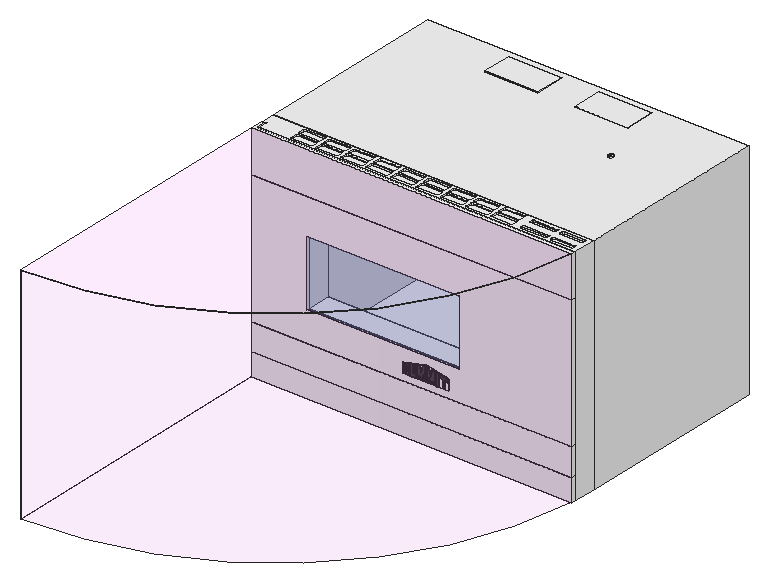
Revit family "Qf_Summit_MHOTR241W_24 inches Wide Over-The-Range Microwave", category Specialty Equipment, Revit 2020 (continued)
Lines and regions (in)
  symbolic lines
    curve 93: arc (11.875, -15.34484, 19.5) -> (11.91161, -15.25645, 19.5) -> (12, -15.21984, 19.5) r 0.125
    curve 94: line (10.125, -15.9375, 19.5) -> (11.5, -15.9375, 19.5)
    curve 95: arc (11.5, -15.9375, 19.5) -> (11.58839, -15.97411, 19.5) -> (11.625, -16.0625, 19.5) r 0.125
    curve 96: line (11.625, -16.0625, 19.5) -> (11.625, -16.4375, 19.5)
    curve 97: arc (11.625, -16.4375, 19.5) -> (11.58839, -16.52589, 19.5) -> (11.5, -16.5625, 19.5) r 0.125
    curve 98: line (11.5, -16.5625, 19.5) -> (10.125, -16.5625, 19.5)
    curve 99: arc (10.125, -16.5625, 19.5) -> (10.03661, -16.52589, 19.5) -> (10, -16.4375, 19.5) r 0.125
    curve 100: line (10, -16.4375, 19.5) -> (10, -16.0625, 19.5)
    curve 101: arc (10, -16.0625, 19.5) -> (10.03661, -15.97411, 19.5) -> (10.125, -15.9375, 19.5) r 0.125
    curve 102: line (13.375, -16.5625, 19.5) -> (12, -16.5625, 19.5)
    curve 103: arc (12, -16.5625, 19.5) -> (11.91161, -16.52589, 19.5) -> (11.875, -16.4375, 19.5) r 0.125
    curve 104: line (11.875, -16.4375, 19.5) -> (11.875, -16.0625, 19.5)
    curve 105: arc (11.875, -16.0625, 19.5) -> (11.91161, -15.97411, 19.5) -> (12, -15.9375, 19.5) r 0.125
    curve 106: line (12, -15.9375, 19.5) -> (13.375, -15.9375, 19.5)
    curve 107: arc (13.375, -15.9375, 19.5) -> (13.46339, -15.97411, 19.5) -> (13.5, -16.0625, 19.5) r 0.125
    curve 108: line (13.5, -16.0625, 19.5) -> (13.5, -16.4375, 19.5)
    curve 109: arc (13.5, -16.4375, 19.5) -> (13.46339, -16.52589, 19.5) -> (13.375, -16.5625, 19.5) r 0.125
    curve 110: line (13.875, -15.21984, 19.5) -> (15.25, -15.21984, 19.5)
    curve 111: arc (15.25, -15.21984, 19.5) -> (15.33839, -15.25645, 19.5) -> (15.375, -15.34484, 19.5) r 0.125
    curve 112: line (15.375, -15.34484, 19.5) -> (15.375, -15.71984, 19.5)
    curve 113: arc (15.375, -15.71984, 19.5) -> (15.33839, -15.80823, 19.5) -> (15.25, -15.84484, 19.5) r 0.125
    curve 114: line (15.25, -15.84484, 19.5) -> (13.875, -15.84484, 19.5)
    curve 115: arc (13.875, -15.84484, 19.5) -> (13.78661, -15.80823, 19.5) -> (13.75, -15.71984, 19.5) r 0.125
    curve 116: line (13.75, -15.71984, 19.5) -> (13.75, -15.34484, 19.5)
    curve 117: arc (13.75, -15.34484, 19.5) -> (13.78661, -15.25645, 19.5) -> (13.875, -15.21984, 19.5) r 0.125
    curve 118: line (15.75, -15.21984, 19.5) -> (17.125, -15.21984, 19.5)
    curve 119: arc (17.125, -15.21984, 19.5) -> (17.21339, -15.25645, 19.5) -> (17.25, -15.34484, 19.5) r 0.125
    curve 120: line (17.25, -15.34484, 19.5) -> (17.25, -15.71984, 19.5)
    curve 121: arc (17.25, -15.71984, 19.5) -> (17.21339, -15.80823, 19.5) -> (17.125, -15.84484, 19.5) r 0.125
    curve 122: line (17.125, -15.84484, 19.5) -> (15.75, -15.84484, 19.5)
    curve 123: arc (15.75, -15.84484, 19.5) -> (15.66161, -15.80823, 19.5) -> (15.625, -15.71984, 19.5) r 0.125
    curve 124: line (15.625, -15.71984, 19.5) -> (15.625, -15.34484, 19.5)
    curve 125: arc (15.625, -15.34484, 19.5) -> (15.66161, -15.25645, 19.5) -> (15.75, -15.21984, 19.5) r 0.125
    curve 126: line (13.875, -15.9375, 19.5) -> (15.25, -15.9375, 19.5)
    curve 127: arc (15.25, -15.9375, 19.5) -> (15.33839, -15.97411, 19.5) -> (15.375, -16.0625, 19.5) r 0.125
    curve 128: line (15.375, -16.0625, 19.5) -> (15.375, -16.4375, 19.5)
    curve 129: arc (15.375, -16.4375, 19.5) -> (15.33839, -16.52589, 19.5) -> (15.25, -16.5625, 19.5) r 0.125
    curve 130: line (15.25, -16.5625, 19.5) -> (13.875, -16.5625, 19.5)
    curve 131: arc (13.875, -16.5625, 19.5) -> (13.78661, -16.52589, 19.5) -> (13.75, -16.4375, 19.5) r 0.125
    curve 132: line (13.75, -16.4375, 19.5) -> (13.75, -16.0625, 19.5)
    curve 133: arc (13.75, -16.0625, 19.5) -> (13.78661, -15.97411, 19.5) -> (13.875, -15.9375, 19.5) r 0.125
    curve 134: line (17.125, -16.5625, 19.5) -> (15.75, -16.5625, 19.5)
    curve 135: arc (15.75, -16.5625, 19.5) -> (15.66161, -16.52589, 19.5) -> (15.625, -16.4375, 19.5) r 0.125
    curve 136: line (15.625, -16.4375, 19.5) -> (15.625, -16.0625, 19.5)
    curve 137: arc (15.625, -16.0625, 19.5) -> (15.66161, -15.97411, 19.5) -> (15.75, -15.9375, 19.5) r 0.125
    curve 138: line (15.75, -15.9375, 19.5) -> (17.125, -15.9375, 19.5)
    curve 139: arc (17.125, -15.9375, 19.5) -> (17.21339, -15.97411, 19.5) -> (17.25, -16.0625, 19.5) r 0.125
    curve 140: line (17.25, -16.0625, 19.5) -> (17.25, -16.4375, 19.5)
    curve 141: arc (17.25, -16.4375, 19.5) -> (17.21339, -16.52589, 19.5) -> (17.125, -16.5625, 19.5) r 0.125
    curve 142: line (17.625, -15.21984, 19.5) -> (19, -15.21984, 19.5)
    curve 143: arc (19, -15.21984, 19.5) -> (19.08839, -15.25645, 19.5) -> (19.125, -15.34484, 19.5) r 0.125
    curve 144: line (19.125, -15.34484, 19.5) -> (19.125, -15.71984, 19.5)
    curve 145: arc (19.125, -15.71984, 19.5) -> (19.08839, -15.80823, 19.5) -> (19, -15.84484, 19.5) r 0.125
    curve 146: line (19, -15.84484, 19.5) -> (17.625, -15.84484, 19.5)
    curve 147: arc (17.625, -15.84484, 19.5) -> (17.53661, -15.80823, 19.5) -> (17.5, -15.71984, 19.5) r 0.125
    curve 148: line (17.5, -15.71984, 19.5) -> (17.5, -15.34484, 19.5)
    curve 149: arc (17.5, -15.34484, 19.5) -> (17.53661, -15.25645, 19.5) -> (17.625, -15.21984, 19.5) r 0.125
    curve 150: line (19, -16.5625, 19.5) -> (17.625, -16.5625, 19.5)
    curve 151: arc (17.625, -16.5625, 19.5) -> (17.53661, -16.52589, 19.5) -> (17.5, -16.4375, 19.5) r 0.125
    curve 152: line (17.5, -16.4375, 19.5) -> (17.5, -16.0625, 19.5)
    curve 153: arc (17.5, -16.0625, 19.5) -> (17.53661, -15.97411, 19.5) -> (17.625, -15.9375, 19.5) r 0.125
    curve 154: line (17.625, -15.9375, 19.5) -> (19, -15.9375, 19.5)
    curve 155: arc (19, -15.9375, 19.5) -> (19.08839, -15.97411, 19.5) -> (19.125, -16.0625, 19.5) r 0.125
    curve 156: line (19.125, -16.0625, 19.5) -> (19.125, -16.4375, 19.5)
    curve 157: arc (19.125, -16.4375, 19.5) -> (19.08839, -16.52589, 19.5) -> (19, -16.5625, 19.5) r 0.125
    curve 158: line (19.8181, -15.3125, 19.5) -> (21.5681, -15.3125, 19.5)
    curve 159: arc (21.5681, -15.3125, 19.5) -> (21.65649, -15.34911, 19.5) -> (21.6931, -15.4375, 19.5) r 0.125
    curve 160: line (21.6931, -15.4375, 19.5) -> (21.6931, -15.5625, 19.5)
    curve 161: arc (21.6931, -15.5625, 19.5) -> (21.65649, -15.65089, 19.5) -> (21.5681, -15.6875, 19.5) r 0.125
    curve 162: line (21.5681, -15.6875, 19.5) -> (19.8181, -15.6875, 19.5)
    curve 163: arc (19.8181, -15.6875, 19.5) -> (19.72971, -15.65089, 19.5) -> (19.6931, -15.5625, 19.5) r 0.125
    curve 164: line (19.6931, -15.5625, 19.5) -> (19.6931, -15.4375, 19.5)
    curve 165: arc (19.6931, -15.4375, 19.5) -> (19.72971, -15.34911, 19.5) -> (19.8181, -15.3125, 19.5) r 0.125
    curve 166: line (19.8181, -16.1875, 19.5) -> (21.5681, -16.1875, 19.5)
    curve 167: arc (21.5681, -16.1875, 19.5) -> (21.65649, -16.22411, 19.5) -> (21.6931, -16.3125, 19.5) r 0.125
    curve 168: line (21.6931, -16.3125, 19.5) -> (21.6931, -16.4375, 19.5)
    curve 169: arc (21.6931, -16.4375, 19.5) -> (21.65649, -16.52589, 19.5) -> (21.5681, -16.5625, 19.5) r 0.125
    curve 170: line (21.5681, -16.5625, 19.5) -> (19.8181, -16.5625, 19.5)
    curve 171: arc (19.8181, -16.5625, 19.5) -> (19.72971, -16.52589, 19.5) -> (19.6931, -16.4375, 19.5) r 0.125
    curve 172: line (19.6931, -16.4375, 19.5) -> (19.6931, -16.3125, 19.5)
    curve 173: arc (19.6931, -16.3125, 19.5) -> (19.72971, -16.22411, 19.5) -> (19.8181, -16.1875, 19.5) r 0.125
    curve 174: line (22.0681, -15.3125, 19.5) -> (23.5681, -15.3125, 19.5)
    curve 175: arc (23.5681, -15.3125, 19.5) -> (23.65649, -15.34911, 19.5) -> (23.6931, -15.4375, 19.5) r 0.125
    curve 176: line (23.6931, -15.4375, 19.5) -> (23.6931, -15.5625, 19.5)
    curve 177: arc (23.6931, -15.5625, 19.5) -> (23.65649, -15.65089, 19.5) -> (23.5681, -15.6875, 19.5) r 0.125
    curve 178: line (23.5681, -15.6875, 19.5) -> (22.0681, -15.6875, 19.5)
    curve 179: arc (22.0681, -15.6875, 19.5) -> (21.97971, -15.65089, 19.5) -> (21.9431, -15.5625, 19.5) r 0.125
    curve 180: line (21.9431, -15.5625, 19.5) -> (21.9431, -15.4375, 19.5)
    curve 181: arc (21.9431, -15.4375, 19.5) -> (21.97971, -15.34911, 19.5) -> (22.0681, -15.3125, 19.5) r 0.125
    curve 182: line (22.0681, -16.1875, 19.5) -> (23.5681, -16.1875, 19.5)
    curve 183: arc (23.5681, -16.1875, 19.5) -> (23.65649, -16.22411, 19.5) -> (23.6931, -16.3125, 19.5) r 0.125
    curve 184: line (23.6931, -16.3125, 19.5) -> (23.6931, -16.4375, 19.5)
    curve 185: arc (23.6931, -16.4375, 19.5) -> (23.65649, -16.52589, 19.5) -> (23.5681, -16.5625, 19.5) r 0.125
    curve 186: line (23.5681, -16.5625, 19.5) -> (22.0681, -16.5625, 19.5)
    curve 187: arc (22.0681, -16.5625, 19.5) -> (21.97971, -16.52589, 19.5) -> (21.9431, -16.4375, 19.5) r 0.125
    curve 188: line (21.9431, -16.4375, 19.5) -> (21.9431, -16.3125, 19.5)
    curve 189: arc (21.9431, -16.3125, 19.5) -> (21.97971, -16.22411, 19.5) -> (22.0681, -16.1875, 19.5) r 0.125
    curve 190: line (13.1875, -3.25, 19.5) -> (17.1875, -3.25, 19.5)
    curve 191: line (17.1875, -3.25, 19.5) -> (17.1875, -1, 19.5)
    curve 192: line (17.1875, -1, 19.5) -> (13.1875, -1, 19.5)
    curve 193: line (13.1875, -1, 19.5) -> (13.1875, -3.25, 19.5)
    curve 194: line (6.4375, -1, 19.5) -> (6.4375, -3.25, 19.5)
    curve 195: line (6.4375, -3.25, 19.5) -> (10.4375, -3.25, 19.5)
    curve 196: line (10.4375, -3.25, 19.5) -> (10.4375, -1, 19.5)
    curve 197: line (10.4375, -1, 19.5) -> (6.4375, -1, 19.5)
    curve 198: line (2.125, 0, 19.5) -> (1.625, -0.5, 19.5)
    curve 199: line (22, 0, 19.5) -> (2.125, 0, 19.5)
    curve 200: line (22.5, -0.5, 19.5) -> (22, 0, 19.5)
  symbolic lines, style "QF_Clearances_Door_Drawer"
    curve 201: line (0, -17, 19.5) -> (19.81721, -28.44147, 19.5)
    curve 202: arc (19.81721, -28.44147, 19.5) -> (22.64663, -22.99054, 19.5) -> (24, -17, 19.5) r 24
Dimensions and locks (in)
  equal spacing: plane 3 "LEFT", plane 7 "Center Y", plane 4 "RIGHT"
  "Length": plane 3 "LEFT" to plane 4 "RIGHT"
  equal spacing: plane 5 "FRONT", plane 8 "Center X", plane 1 "BACK"
  "Depth": plane 5 "FRONT" to plane 1 "BACK"
  "Height": plane 6 "TOP" to level
  plane 4 "RIGHT" to plane 3 "LEFT" = 24"
  plane 1 "BACK" to plane 5 "FRONT" = 17"
  plane 1 "BACK" to plane 9 = 38 3/4"
  plane 5 "FRONT" to plane 1 "BACK" = 17"  (x2)
  plane 9 to plane 1 "BACK" = 38 3/4"
  plane 6 "TOP" to level = 17 1/2"
  plane 11 to plane 10 = 14 1/2"
  plane 1 "BACK" to plane 11 = 1/2"
  plane 11 to plane 12 = 6"
  plane 13 to level = 3/4"
  plane 10 to plane 5 "FRONT" = 2"
  plane 16 to plane 4 "RIGHT" = 5 1/2"  (x2)
  plane 6 "TOP" to plane 17 = 3 1/8"
  aligned and locked: level to plane 2
  aligned and locked: Extrusion 1 to plane 4 "RIGHT"
  aligned and locked: Extrusion 6 to plane 10
  aligned and locked: Extrusion 3 to plane 13
  aligned and locked: plane 6 "TOP" to Extrusion 3
  aligned and locked: plane 5 "FRONT" to Extrusion 5
  aligned and locked: plane 10 to Extrusion 5
  aligned and locked: plane 10 to Extrusion 10
  aligned and locked: Extrusion 13 to cut or joined group of Extrusion 1, Extrusion 5
  aligned and locked: plane 6 "TOP" to Extrusion 13
  aligned and locked: Extrusion 14 to plane 13
  aligned and locked: plane 5 "FRONT" to nested 1
Automatic sketch dimensions
  Extrusion 5 sketch curve to plane 17 = 2 11/16"
  Extrusion 5 sketch curve to plane 14 = 2 3/16"
  Extrusion 6 sketch curve to plane 17 = 1 3/16"
  Extrusion 6 sketch curve to plane 15 = 3/4"
  Extrusion 1 sketch curve to plane 3 "LEFT" = 0"
  Extrusion 1 sketch curve to plane 4 "RIGHT" = 0"
  plane 5 "FRONT" to Extrusion 1 sketch curve = 0"
  plane 3 "LEFT" to Extrusion 1 sketch curve = 3/16"
  Extrusion 1 sketch curve to plane 5 "FRONT" = 1/4"
  Extrusion 1 sketch curve to Extrusion 1 sketch curve = 5/8"
  Extrusion 2 sketch curve to plane 3 "LEFT" = 0"
  Extrusion 2 sketch curve to plane 4 "RIGHT" = 0"
  Extrusion 2 sketch curve to plane 10 = 0"
  plane 3 "LEFT" to Extrusion 2 sketch curve = 5/16"
  Extrusion 2 sketch curve to plane 5 "FRONT" = 1"
  Extrusion 2 sketch curve to plane 5 "FRONT" = 1/4"
  Extrusion 3 sketch curve to plane 3 "LEFT" = 0"
  Extrusion 3 sketch curve to plane 4 "RIGHT" = 0"
  Extrusion 3 sketch curve to plane 10 = 0"
  Extrusion 3 sketch curve to plane 11 = 0"
  Extrusion 4 sketch curve to plane 11 = 0"
  plane 1 "BACK" to Extrusion 4 sketch curve = 0"
  Extrusion 4 sketch curve to Extrusion 4 sketch curve = 1/2"  (x2)
  plane 4 "RIGHT" to Extrusion 4 sketch curve = 2"
  Extrusion 7 sketch curve to plane 13 = 0"
  Extrusion 7 sketch curve to level = 0"
  plane 3 "LEFT" to Extrusion 7 sketch curve = 3/8"
  plane 3 "LEFT" to Extrusion 7 sketch curve = 0.88018"
  plane 4 "RIGHT" to Extrusion 7 sketch curve = 0.88018"
  plane 4 "RIGHT" to Extrusion 7 sketch curve = 3/8"
  Extrusion 8 sketch curve to plane 3 "LEFT" = 0"
  Extrusion 8 sketch curve to plane 4 "RIGHT" = 0"
  plane 5 "FRONT" to Extrusion 8 sketch curve = 0"
  plane 3 "LEFT" to Extrusion 8 sketch curve = 3/16"
  Extrusion 8 sketch curve to plane 5 "FRONT" = 1/4"
  Extrusion 8 sketch curve to Extrusion 8 sketch curve = 5/8"
  Extrusion 9 sketch curve to plane 3 "LEFT" = 0"
  Extrusion 9 sketch curve to plane 4 "RIGHT" = 0"
  plane 5 "FRONT" to Extrusion 9 sketch curve = 0"
  plane 3 "LEFT" to Extrusion 9 sketch curve = 3/16"
  Extrusion 9 sketch curve to plane 5 "FRONT" = 1/4"
  Extrusion 9 sketch curve to Extrusion 9 sketch curve = 5/8"
  Split face 1 sketch curve to Extrusion 8 = 13/16"
  Split face 1 sketch curve to Extrusion 8 = 4 5/16"
  Split face 1 sketch curve to Split face 1 sketch curve = 1/8"  (x3)
  Split face 1 sketch curve to Split face 1 sketch curve = 1 1/8"
  Split face 1 sketch curve to Split face 1 sketch curve = 0"
  Split face 1 sketch curve to Split face 1 sketch curve = 3/8"
  Split face 2 sketch curve to Extrusion 8 = 1/4"  (x2)
  Split face 2 sketch curve to Extrusion 8 = 4 5/16"
  Split face 2 sketch curve to Extrusion 8 = 1/8"
  Split face 2 sketch curve to Split face 2 sketch curve = 1/8"  (x2)
  Split face 2 sketch curve to Split face 2 sketch curve = 1 1/8"
  Split face 2 sketch curve to Split face 2 sketch curve = 3/8"
  Split face 3 sketch curve to Extrusion 8 = 13/16"
  Split face 3 sketch curve to Extrusion 8 = 6.78428"
  Split face 3 sketch curve to Split face 3 sketch curve = 1/8"  (x3)
  Split face 3 sketch curve to Split face 3 sketch curve = 1 1/8"
  Split face 3 sketch curve to Split face 3 sketch curve = 0"
  Split face 3 sketch curve to Split face 3 sketch curve = 3/8"
  Split face 4 sketch curve to Extrusion 8 = 1/4"  (x2)
  Split face 4 sketch curve to Extrusion 8 = 6.78428"
  Split face 4 sketch curve to Extrusion 8 = 1/8"
  Split face 4 sketch curve to Split face 4 sketch curve = 1/8"  (x2)
  Split face 4 sketch curve to Split face 4 sketch curve = 1 1/8"
  Split face 4 sketch curve to Split face 4 sketch curve = 3/8"
  Split face 5 sketch curve to Extrusion 8 = 13/16"
  Split face 5 sketch curve to Extrusion 8 = 8.65928"
  Split face 5 sketch curve to Split face 5 sketch curve = 1/8"  (x3)
  Split face 5 sketch curve to Split face 5 sketch curve = 1 1/8"
  Split face 5 sketch curve to Split face 5 sketch curve = 0"
  Split face 5 sketch curve to Split face 5 sketch curve = 3/8"
  Split face 6 sketch curve to Extrusion 8 = 1/4"  (x2)
  Split face 6 sketch curve to Extrusion 8 = 8.65928"
  Split face 6 sketch curve to Extrusion 8 = 1/8"
  Split face 6 sketch curve to Split face 6 sketch curve = 1/8"  (x2)
  Split face 6 sketch curve to Split face 6 sketch curve = 1 1/8"
  Split face 6 sketch curve to Split face 6 sketch curve = 3/8"
  Split face 7 sketch curve to Extrusion 8 = 13/16"
  Split face 7 sketch curve to Extrusion 8 = 11.13106"
  Split face 7 sketch curve to Split face 7 sketch curve = 1/8"  (x3)
  Split face 7 sketch curve to Split face 7 sketch curve = 1 1/8"
  Split face 7 sketch curve to Split face 7 sketch curve = 0"
  Split face 7 sketch curve to Split face 7 sketch curve = 3/8"
  Split face 8 sketch curve to Extrusion 8 = 1/4"  (x2)
  Split face 8 sketch curve to Extrusion 8 = 11.13106"
  Split face 8 sketch curve to Extrusion 8 = 1/8"
  Split face 8 sketch curve to Split face 8 sketch curve = 1/8"  (x2)
  Split face 8 sketch curve to Split face 8 sketch curve = 1 1/8"
  Split face 8 sketch curve to Split face 8 sketch curve = 3/8"
  Split face 9 sketch curve to Extrusion 8 = 11/16"
  Split face 9 sketch curve to Extrusion 8 = 3.86894"
  Split face 9 sketch curve to Split face 9 sketch curve = 1/8"  (x3)
  Split face 9 sketch curve to Split face 9 sketch curve = 1 1/8"
  Split face 9 sketch curve to Extrusion 8 = 3/16"
  Split face 9 sketch curve to Split face 9 sketch curve = 0"
  Split face 10 sketch curve to Extrusion 8 = 3/8"  (x2)
  Split face 10 sketch curve to Extrusion 8 = 3.86894"
  Split face 10 sketch curve to Split face 10 sketch curve = 1/8"  (x3)
  Split face 10 sketch curve to Split face 10 sketch curve = 1 1/8"
  Split face 10 sketch curve to Split face 10 sketch curve = 3/8"
  Split face 11 sketch curve to Extrusion 8 = 11/16"
  Split face 11 sketch curve to Extrusion 8 = 2"
  Split face 11 sketch curve to Split face 11 sketch curve = 1/8"  (x3)
  Split face 11 sketch curve to Split face 11 sketch curve = 1 1/8"
  Split face 11 sketch curve to Extrusion 8 = 3/16"
  Split face 11 sketch curve to Split face 11 sketch curve = 0"
  Split face 12 sketch curve to Extrusion 8 = 3/8"  (x2)
  Split face 12 sketch curve to Extrusion 8 = 2"
  Split face 12 sketch curve to Split face 12 sketch curve = 1/8"  (x3)
  Split face 12 sketch curve to Split face 12 sketch curve = 1 1/8"
  Split face 12 sketch curve to Split face 12 sketch curve = 3/8"
  Split face 13 sketch curve to Extrusion 8 = 7/32"
  Split face 13 sketch curve to Extrusion 8 = 8 7/16"
  Split face 13 sketch curve to Split face 13 sketch curve = 1/32"  (x3)
  Split face 13 sketch curve to Split face 13 sketch curve = 7/16"
  Split face 13 sketch curve to Split face 13 sketch curve = 0"
  Split face 13 sketch curve to Split face 13 sketch curve = 0.39583"
  Split face 14 sketch curve to Extrusion 8 = 7/32"
  Split face 14 sketch curve to Extrusion 8 = 7 3/4"
  Split face 14 sketch curve to Split face 14 sketch curve = 1/32"  (x3)
  Split face 14 sketch curve to Split face 14 sketch curve = 7/16"
  Split face 14 sketch curve to Split face 14 sketch curve = 0"
  Split face 14 sketch curve to Split face 14 sketch curve = 0.39583"
  Split face 15 sketch curve to Extrusion 8 = 7/32"
  Split face 15 sketch curve to Extrusion 8 = 7 1/16"
  Split face 15 sketch curve to Split face 15 sketch curve = 1/32"  (x3)
  Split face 15 sketch curve to Split face 15 sketch curve = 7/16"
  Split face 15 sketch curve to Split face 15 sketch curve = 0"
  Split face 15 sketch curve to Split face 15 sketch curve = 0.39583"
  Split face 16 sketch curve to Extrusion 8 = 7/32"
  Split face 16 sketch curve to Extrusion 8 = 6 3/8"
  Split face 16 sketch curve to Split face 16 sketch curve = 1/32"  (x3)
  Split face 16 sketch curve to Split face 16 sketch curve = 7/16"
  Split face 16 sketch curve to Split face 16 sketch curve = 0"
  Split face 16 sketch curve to Split face 16 sketch curve = 0.39583"
  Split face 17 sketch curve to Extrusion 8 = 7/32"
  Split face 17 sketch curve to Extrusion 8 = 5 11/16"
  Split face 17 sketch curve to Split face 17 sketch curve = 1/32"  (x3)
  Split face 17 sketch curve to Split face 17 sketch curve = 7/16"
  Split face 17 sketch curve to Split face 17 sketch curve = 0"
  Split face 17 sketch curve to Split face 17 sketch curve = 0.39583"
  Split face 18 sketch curve to Extrusion 8 = 0.72126"
  Split face 18 sketch curve to Extrusion 8 = 8 7/16"
  Split face 18 sketch curve to Split face 18 sketch curve = 1/32"  (x3)
  Split face 18 sketch curve to Split face 18 sketch curve = 7/16"
  Split face 18 sketch curve to Split face 18 sketch curve = 0"
  Split face 18 sketch curve to Extrusion 8 = 0.32543"
  Split face 19 sketch curve to Extrusion 8 = 0.72126"
  Split face 19 sketch curve to Extrusion 8 = 7 3/4"
  Split face 19 sketch curve to Split face 19 sketch curve = 1/32"  (x3)
  Split face 19 sketch curve to Split face 19 sketch curve = 7/16"
  Split face 19 sketch curve to Split face 19 sketch curve = 0"
  Split face 19 sketch curve to Extrusion 8 = 0.32543"
  Split face 20 sketch curve to Extrusion 8 = 0.72126"
  Split face 20 sketch curve to Extrusion 8 = 7 1/16"
  Split face 20 sketch curve to Split face 20 sketch curve = 1/32"  (x3)
  Split face 20 sketch curve to Split face 20 sketch curve = 7/16"
  Split face 20 sketch curve to Split face 20 sketch curve = 0"
  Split face 20 sketch curve to Extrusion 8 = 0.32543"
  Split face 21 sketch curve to Extrusion 8 = 0.72126"
  Split face 21 sketch curve to Extrusion 8 = 6 3/8"
  Split face 21 sketch curve to Split face 21 sketch curve = 1/32"  (x3)
  Split face 21 sketch curve to Split face 21 sketch curve = 7/16"
  Split face 21 sketch curve to Split face 21 sketch curve = 0"
  Split face 21 sketch curve to Extrusion 8 = 0.32543"
  Split face 22 sketch curve to Extrusion 8 = 0.72126"
  Split face 22 sketch curve to Extrusion 8 = 5 11/16"
  Split face 22 sketch curve to Split face 22 sketch curve = 1/32"  (x3)
  Split face 22 sketch curve to Split face 22 sketch curve = 7/16"
  Split face 22 sketch curve to Split face 22 sketch curve = 0"
  Split face 22 sketch curve to Extrusion 8 = 0.32543"
  Split face 23 sketch curve to Extrusion 8 = 7/16"
  Split face 23 sketch curve to Extrusion 8 = 9.74394"
  Split face 23 sketch curve to Extrusion 8 = 5/8"
  Split face 23 sketch curve to Split face 23 sketch curve = 2"
  Split face 24 sketch curve to Extrusion 8 = 21/64"
  Split face 24 sketch curve to Extrusion 8 = 3.88456"
  Split face 24 sketch curve to Split face 24 sketch curve = 1/8"  (x3)
  Split face 24 sketch curve to Split face 24 sketch curve = 1 3/32"
  Split face 24 sketch curve to Split face 24 sketch curve = 0"
  Split face 24 sketch curve to Split face 24 sketch curve = 11/32"
  Split face 25 sketch curve to Extrusion 8 = 47/64"
  Split face 25 sketch curve to Extrusion 8 = 3.88456"
  Split face 25 sketch curve to Split face 25 sketch curve = 1/8"  (x3)
  Split face 25 sketch curve to Split face 25 sketch curve = 1 3/32"
  Split face 25 sketch curve to Extrusion 8 = 17/64"
  Split face 25 sketch curve to Split face 25 sketch curve = 0"
  Split face 26 sketch curve to Extrusion 8 = 29/64"
  Split face 26 sketch curve to Extrusion 8 = 11.11544"
  Split face 26 sketch curve to Split face 26 sketch curve = 1/8"  (x3)
  Split face 26 sketch curve to Split face 26 sketch curve = 1 3/32"
  Split face 26 sketch curve to Split face 26 sketch curve = 0"
  Split face 26 sketch curve to Split face 26 sketch curve = 11/32"
  Split face 27 sketch curve to Extrusion 8 = 39/64"
  Split face 27 sketch curve to Extrusion 8 = 11.11544"
  Split face 27 sketch curve to Split face 27 sketch curve = 1/8"  (x3)
  Split face 27 sketch curve to Split face 27 sketch curve = 1 3/32"
  Split face 27 sketch curve to Extrusion 8 = 9/64"
  Split face 27 sketch curve to Split face 27 sketch curve = 0"
  Split face 28 sketch curve to Extrusion 8 = 29/64"
  Split face 28 sketch curve to Extrusion 8 = 8.64366"
  Split face 28 sketch curve to Split face 28 sketch curve = 1/8"  (x3)
  Split face 28 sketch curve to Split face 28 sketch curve = 1 3/32"
  Split face 28 sketch curve to Split face 28 sketch curve = 0"
  Split face 28 sketch curve to Split face 28 sketch curve = 11/32"
  Split face 29 sketch curve to Extrusion 8 = 39/64"
  Split face 29 sketch curve to Extrusion 8 = 8.64366"
  Split face 29 sketch curve to Split face 29 sketch curve = 1/8"  (x3)
  Split face 29 sketch curve to Split face 29 sketch curve = 1 3/32"
  Split face 29 sketch curve to Extrusion 8 = 9/64"
  Split face 29 sketch curve to Split face 29 sketch curve = 0"
  Split face 30 sketch curve to Extrusion 8 = 29/64"
  Split face 30 sketch curve to Extrusion 8 = 6.76866"
  Split face 30 sketch curve to Split face 30 sketch curve = 1/8"  (x3)
  Split face 30 sketch curve to Split face 30 sketch curve = 1 3/32"
  Split face 30 sketch curve to Split face 30 sketch curve = 0"
  Split face 30 sketch curve to Split face 30 sketch curve = 11/32"
  Split face 31 sketch curve to Extrusion 8 = 39/64"
  Split face 31 sketch curve to Extrusion 8 = 6.76866"
  Split face 31 sketch curve to Split face 31 sketch curve = 1/8"  (x3)
  Split face 31 sketch curve to Split face 31 sketch curve = 1 3/32"
  Split face 31 sketch curve to Extrusion 8 = 9/64"
  Split face 31 sketch curve to Split face 31 sketch curve = 0"
  Split face 32 sketch curve to Extrusion 8 = 29/64"
  Split face 32 sketch curve to Extrusion 8 = 4 19/64"
  Split face 32 sketch curve to Split face 32 sketch curve = 1/8"  (x3)
  Split face 32 sketch curve to Split face 32 sketch curve = 1 3/32"
  Split face 32 sketch curve to Split face 32 sketch curve = 0"
  Split face 32 sketch curve to Split face 32 sketch curve = 11/32"
  Split face 33 sketch curve to Extrusion 8 = 39/64"
  Split face 33 sketch curve to Extrusion 8 = 4 19/64"
  Split face 33 sketch curve to Split face 33 sketch curve = 1/8"  (x3)
  Split face 33 sketch curve to Split face 33 sketch curve = 1 3/32"
  Split face 33 sketch curve to Extrusion 8 = 9/64"
  Split face 33 sketch curve to Split face 33 sketch curve = 0"
  Split face 34 sketch curve to Extrusion 8 = 0.59896"
  Split face 34 sketch curve to Extrusion 8 = 8 29/64"
  Split face 34 sketch curve to Split face 34 sketch curve = 1/32"  (x3)
  Split face 34 sketch curve to Split face 34 sketch curve = 13/32"
  Split face 34 sketch curve to Split face 34 sketch curve = 0"
  Split face 34 sketch curve to Extrusion 8 = 15/64"
  Split face 35 sketch curve to Extrusion 8 = 0.59896"
  Split face 35 sketch curve to Extrusion 8 = 7 49/64"
  Split face 35 sketch curve to Split face 35 sketch curve = 1/32"  (x3)
  Split face 35 sketch curve to Split face 35 sketch curve = 13/32"
  Split face 35 sketch curve to Split face 35 sketch curve = 0"
  Split face 35 sketch curve to Extrusion 8 = 15/64"
  Split face 36 sketch curve to Extrusion 8 = 0.59896"
  Split face 36 sketch curve to Extrusion 8 = 7 5/64"
  Split face 36 sketch curve to Split face 36 sketch curve = 1/32"  (x3)
  Split face 36 sketch curve to Split face 36 sketch curve = 13/32"
  Split face 36 sketch curve to Split face 36 sketch curve = 0"
  Split face 36 sketch curve to Extrusion 8 = 15/64"
  Split face 37 sketch curve to Extrusion 8 = 0.59896"
  Split face 37 sketch curve to Extrusion 8 = 6 25/64"
  Split face 37 sketch curve to Split face 37 sketch curve = 1/32"  (x3)
  Split face 37 sketch curve to Split face 37 sketch curve = 13/32"
  Split face 37 sketch curve to Split face 37 sketch curve = 0"
  Split face 37 sketch curve to Extrusion 8 = 15/64"
  Split face 38 sketch curve to Extrusion 8 = 0.59896"
  Split face 38 sketch curve to Extrusion 8 = 5 45/64"
  Split face 38 sketch curve to Split face 38 sketch curve = 1/32"  (x3)
  Split face 38 sketch curve to Split face 38 sketch curve = 13/32"
  Split face 38 sketch curve to Split face 38 sketch curve = 0"
  Split face 38 sketch curve to Extrusion 8 = 15/64"
  Split face 39 sketch curve to Extrusion 8 = 0.34105"
  Split face 39 sketch curve to Extrusion 8 = 5 45/64"
  Split face 39 sketch curve to Split face 39 sketch curve = 1/32"  (x3)
  Split face 39 sketch curve to Split face 39 sketch curve = 13/32"
  Split face 39 sketch curve to Split face 39 sketch curve = 0"
  Split face 39 sketch curve to Split face 39 sketch curve = 0.36458"
  Split face 40 sketch curve to Extrusion 8 = 0.34105"
  Split face 40 sketch curve to Extrusion 8 = 6 25/64"
  Split face 40 sketch curve to Split face 40 sketch curve = 1/32"  (x3)
  Split face 40 sketch curve to Split face 40 sketch curve = 13/32"
  Split face 40 sketch curve to Split face 40 sketch curve = 0"
  Split face 40 sketch curve to Split face 40 sketch curve = 0.36458"
  Split face 41 sketch curve to Extrusion 8 = 0.34105"
  Split face 41 sketch curve to Extrusion 8 = 7 5/64"
  Split face 41 sketch curve to Split face 41 sketch curve = 1/32"  (x3)
  Split face 41 sketch curve to Split face 41 sketch curve = 13/32"
  Split face 41 sketch curve to Split face 41 sketch curve = 0"
  Split face 41 sketch curve to Split face 41 sketch curve = 0.36458"
  Split face 42 sketch curve to Extrusion 8 = 0.34105"
  Split face 42 sketch curve to Extrusion 8 = 7 49/64"
  Split face 42 sketch curve to Split face 42 sketch curve = 1/32"  (x3)
  Split face 42 sketch curve to Split face 42 sketch curve = 13/32"
  Split face 42 sketch curve to Split face 42 sketch curve = 0"
  Split face 42 sketch curve to Split face 42 sketch curve = 0.36458"
  Split face 43 sketch curve to Extrusion 8 = 0.34105"
  Split face 43 sketch curve to Extrusion 8 = 8 29/64"
  Split face 43 sketch curve to Split face 43 sketch curve = 1/32"  (x3)
  Split face 43 sketch curve to Split face 43 sketch curve = 13/32"
  Split face 43 sketch curve to Split face 43 sketch curve = 0"
  Split face 43 sketch curve to Split face 43 sketch curve = 0.36458"
  Extrusion 1 to Extrusion 10 sketch curve = 2 3/16"
  Extrusion 10 sketch curve to Extrusion 1 = 8 7/16"
  Extrusion 1 to Extrusion 10 sketch curve = 4 1/16"
  Extrusion 1 to Extrusion 10 sketch curve = 2 11/16"
  Extrusion 11 sketch curve to Extrusion 11 sketch curve = 0"  (x2)
  Extrusion 11 sketch curve to Extrusion 3 = 2 3/4"
  Extrusion 11 sketch curve to Extrusion 3 = 6 7/16"
  Extrusion 11 sketch curve to Extrusion 11 sketch curve = 4"  (x2)
  Extrusion 11 sketch curve to Extrusion 3 = 1/2"  (x2)
  Extrusion 11 sketch curve to Extrusion 11 sketch curve = 2 3/4"
  Extrusion 11 sketch curve to Extrusion 11 sketch curve = 1 5/16"
  Extrusion 11 sketch curve to Extrusion 11 sketch curve = 5 1/2"
  Extrusion 11 sketch curve to Extrusion 11 sketch curve = 2 1/4"
  Extrusion 12 sketch curve to Extrusion 2 = 3/16"  (x11)
  Extrusion 12 sketch curve to Extrusion 12 sketch curve = 1/8"  (x66)
  Extrusion 2 to Extrusion 12 sketch curve = 1/16"  (x18)
  Extrusion 12 sketch curve to Extrusion 2 = 1/16"  (x9)
  Extrusion 12 sketch curve to Extrusion 12 sketch curve = 0.09266"  (x9)
  Extrusion 12 sketch curve to Extrusion 2 = 5/16"  (x2)
  Extrusion 12 sketch curve to Extrusion 2 = 0.34484"  (x16)
  Extrusion 12 sketch curve to Extrusion 12 sketch curve = 0"  (x13)
  Extrusion 12 sketch curve to Extrusion 2 = 0.3069"  (x2)
  Extrusion 12 sketch curve to Extrusion 12 sketch curve = 1 1/2"
  Extrusion 12 sketch curve to Extrusion 12 sketch curve = 1/4"  (x18)
  Extrusion 12 sketch curve to Extrusion 12 sketch curve = 1 3/4"
  Extrusion 12 sketch curve to Extrusion 12 sketch curve = 0.5681"
  Extrusion 12 sketch curve to Extrusion 12 sketch curve = 1 3/8"  (x9)
  Extrusion 13 sketch curve to plane 3 "LEFT" = 0"
  Extrusion 13 sketch curve to plane 4 "RIGHT" = 0"
  plane 5 "FRONT" to Extrusion 13 sketch curve = 0"
  plane 3 "LEFT" to Extrusion 13 sketch curve = 3/16"
  Extrusion 13 sketch curve to plane 5 "FRONT" = 1/4"
  Extrusion 13 sketch curve to Extrusion 13 sketch curve = 5/8"
  Extrusion 14 sketch curve to plane 4 "RIGHT" = 0"
  Extrusion 14 sketch curve to plane 9 = 0"
  plane 5 "FRONT" to Extrusion 14 sketch curve = 0"
  plane 3 "LEFT" to Extrusion 14 sketch curve = 0.1057"
  Extrusion 14 sketch curve to plane 3 "LEFT" = 0"
  plane 3 "LEFT" to Extrusion 4 sketch curve = 2 1/8"
  plane 3 "LEFT" to Extrusion 5 sketch curve = 4 1/16"
  plane 16 to Extrusion 5 sketch curve = 2 15/16"
  plane 3 "LEFT" to Extrusion 6 sketch curve = 2 15/16"
  plane 16 to Extrusion 6 sketch curve = 1 1/16"
  curve 1 to plane 3 "LEFT" = 0"
  curve 13 to plane 3 "LEFT" = 0"
  curve 5 to plane 10 = 0"
  curve 198 to plane 11 = 0"
  plane 1 "BACK" to curve 198 = 0"
  curve 103 to plane 7 "Center Y" = 0"
  curve 93 to plane 7 "Center Y" = 0"
  curve 106 to plane 7 "Center Y" = 0"
  curve 90 to plane 7 "Center Y" = 0"
  curve 9 to plane 4 "RIGHT" = 0"
  plane 5 "FRONT" to curve 202 = 0"
  plane 3 "LEFT" to curve 202 = 0.1057"
  plane 3 "LEFT" to curve 11 = 3/16"
  curve 202 to curve 5 = 0.40337"
  plane 3 "LEFT" to curve 198 = 2 1/8"
  curve 5 to curve 20 = 1.99093"
  curve 36 to curve 19 = 0"
  curve 36 to curve 37 = 1/8"
  curve 36 to curve 34 = 1/8"
  curve 18 to curve 30 = 0"
  curve 21 to curve 14 = 1/8"
  curve 19 to curve 18 = 1 3/8"
  curve 34 to curve 18 = 0"
  curve 30 to curve 18 = 0"
  curve 14 to plane 10 = 0.21984"
  curve 14 to curve 17 = 0"
  curve 31 to curve 32 = 1/8"
  curve 15 to curve 16 = 1/8"
  curve 16 to curve 28 = 1/4"
  curve 33 to curve 40 = 1/4"
  curve 29 to curve 29 = 1/8"
  curve 28 to curve 27 = 1/8"
  curve 42 to curve 26 = 0"
  curve 40 to curve 39 = 1/8"
  curve 41 to curve 43 = 1 3/8"
  curve 23 to curve 42 = 0"
  curve 38 to curve 43 = 0"
  curve 25 to curve 42 = 0"
  curve 43 to curve 44 = 1/8"
  curve 23 to curve 24 = 1/8"
  curve 43 to curve 68 = 1/4"
  curve 24 to curve 52 = 1/4"
  curve 68 to curve 69 = 1/8"
  curve 67 to curve 67 = 1/8"
  curve 50 to curve 62 = 0"
  curve 53 to curve 46 = 1/8"
  curve 194 to plane 11 = 1/2"
  curve 198 to curve 194 = 4 5/16"
  curve 47 to plane 10 = 0.34484"
  curve 53 to curve 47 = 1 3/8"
  curve 63 to curve 47 = 0"
  curve 65 to curve 63 = 0"
  curve 49 to curve 62 = 0"
  curve 49 to curve 48 = 1/8"
  curve 65 to curve 64 = 1/8"
  curve 63 to curve 72 = 1/4"
  curve 47 to curve 60 = 1/4"
  curve 60 to curve 58 = 1/8"
  curve 61 to curve 61 = 1/8"
  curve 72 to curve 73 = 1/8"
  curve 72 to curve 71 = 1/8"
  curve 70 to plane 5 "FRONT" = 7/16"
  curve 70 to curve 70 = 1 3/8"
  curve 54 to plane 10 = 0.21984"
  curve 54 to curve 77 = 0"
  curve 58 to curve 55 = 0"
  curve 74 to curve 58 = 0"
  curve 75 to curve 76 = 1/8"
  curve 57 to curve 56 = 1/8"
  curve 75 to curve 100 = 1/4"
  curve 55 to curve 84 = 1/4"
  curve 84 to curve 82 = 1/8"
  curve 84 to curve 78 = 1/8"
  curve 100 to curve 99 = 1/8"
  curve 94 to curve 83 = 0"
  curve 195 to plane 7 "Center Y" = 1 9/16"
  curve 81 to plane 7 "Center Y" = 1/2"
  curve 78 to plane 10 = 0.21984"
  curve 78 to plane 7 "Center Y" = 1/2"
  curve 98 to plane 7 "Center Y" = 1/2"
  curve 95 to curve 82 = 0"
  curve 81 to curve 80 = 1/8"
  curve 97 to curve 96 = 1/8"
  curve 104 to plane 7 "Center Y" = 1/8"
  curve 92 to plane 7 "Center Y" = 1/8"
  curve 192 to plane 11 = 1/2"
  plane 7 "Center Y" to curve 192 = 1 3/16"
  curve 86 to plane 10 = 0.21984"
  curve 93 to curve 86 = 1 3/8"
  curve 106 to curve 87 = 0"
  curve 89 to curve 107 = 0"
  curve 109 to curve 107 = 0"
  curve 89 to curve 88 = 1/8"
  curve 109 to curve 108 = 1/8"
  curve 109 to curve 132 = 1/4"
  curve 88 to curve 116 = 1/4"
  curve 116 to curve 115 = 1/8"
  curve 126 to curve 115 = 0"
  curve 132 to curve 131 = 1/8"
  curve 117 to curve 110 = 1/8"
  curve 110 to plane 10 = 0.21984"
  curve 117 to curve 110 = 1 3/8"
  curve 114 to curve 111 = 0"
  curve 130 to curve 114 = 0"
  curve 127 to curve 114 = 0"
  curve 113 to curve 112 = 1/8"
  curve 127 to curve 128 = 1/8"
  curve 129 to curve 136 = 1/4"
  curve 112 to curve 124 = 1/4"
  curve 123 to curve 123 = 1/8"
  curve 125 to curve 118 = 1/8"
  curve 136 to curve 134 = 1/8"
  curve 136 to curve 137 = 1/8"
  curve 118 to plane 10 = 0.21984"
  plane 16 to curve 118 = 1 3/8"
  curve 138 to curve 119 = 0"
  curve 121 to curve 138 = 0"
  curve 134 to curve 139 = 0"
  plane 16 to curve 191 = 1 5/16"
  curve 141 to curve 140 = 1/8"
  curve 121 to curve 120 = 1/8"
  curve 121 to curve 148 = 1/4"
  curve 140 to curve 152 = 1/4"
  curve 152 to curve 151 = 1/8"
  curve 152 to curve 153 = 1/8"
  curve 149 to curve 149 = 1/8"
  curve 146 to curve 154 = 0"
  curve 146 to plane 16 = 1/2"
  curve 143 to curve 145 = 0"
  curve 157 to plane 16 = 1/2"
  curve 155 to curve 146 = 0"
  curve 145 to curve 144 = 1/8"
  curve 157 to curve 156 = 1/8"
  curve 145 to curve 164 = 0.5681"
  curve 156 to curve 172 = 0.5681"
  curve 172 to curve 166 = 1/8"
  curve 164 to curve 163 = 1/8"
  curve 164 to curve 165 = 1/8"
  curve 171 to curve 170 = 1/8"
  curve 170 to plane 5 "FRONT" = 7/16"
  curve 170 to curve 170 = 1 3/4"
  curve 162 to curve 169 = 0"
  curve 167 to curve 169 = 0"
  curve 158 to curve 161 = 0"
  curve 159 to curve 160 = 1/8"
  curve 169 to curve 168 = 1/8"
  curve 160 to curve 180 = 1/4"
  curve 168 to curve 188 = 1/4"
  plane 4 "RIGHT" to curve 199 = 2"
  curve 181 to curve 181 = 1/8"
  curve 188 to curve 182 = 1/8"
  curve 179 to curve 178 = 1/8"
  curve 187 to curve 186 = 1/8"
  plane 4 "RIGHT" to curve 186 = 0.4319"
  plane 4 "RIGHT" to curve 174 = 0.4319"
  curve 177 to curve 175 = 0"
  curve 183 to curve 185 = 0"
  curve 177 to curve 176 = 1/8"
  curve 183 to curve 184 = 1/8"
  curve 11 to plane 5 "FRONT" = 1/4"
  curve 186 to plane 5 "FRONT" = 7/16"
  curve 150 to plane 5 "FRONT" = 7/16"
  curve 134 to plane 5 "FRONT" = 7/16"
  curve 130 to plane 5 "FRONT" = 7/16"
  curve 102 to plane 5 "FRONT" = 7/16"
  curve 98 to curve 77 = 1/8"
  curve 66 to plane 5 "FRONT" = 7/16"
  curve 38 to plane 5 "FRONT" = 7/16"
  curve 34 to plane 5 "FRONT" = 7/16"
  curve 185 to curve 183 = 1/8"
  curve 169 to curve 167 = 1/8"
  curve 11 to curve 13 = 5/8"
  curve 65 to curve 63 = 3/8"
  curve 97 to curve 95 = 3/8"
  curve 109 to curve 107 = 3/8"
  curve 39 to curve 41 = 3/8"
  curve 35 to curve 37 = 3/8"
  curve 152 to curve 152 = 3/8"
  curve 107 to curve 132 = 0"
  curve 135 to curve 137 = 3/8"
  curve 63 to curve 72 = 0"
  curve 8 to curve 1 = 1/8"
  curve 62 to curve 50 = 0.09266"
  curve 30 to curve 18 = 0.09266"
  curve 74 to curve 58 = 0.09266"
  curve 138 to curve 122 = 0.09266"
  curve 106 to curve 90 = 0.09266"
  curve 42 to curve 26 = 0.09266"
  curve 94 to curve 82 = 0.09266"
  curve 154 to curve 146 = 0.09266"
  curve 127 to curve 114 = 0.09266"
  curve 166 to curve 162 = 1/2"
  curve 178 to curve 160 = 1/8"
  curve 161 to curve 159 = 1/8"
  curve 176 to curve 176 = 1/8"
  curve 149 to plane 10 = 0.34484"
  curve 15 to curve 28 = 0"
  curve 191 to curve 191 = 2 1/4"
  curve 195 to curve 196 = 2 1/4"
  curve 12 to curve 7 = 1/8"
  curve 198 to curve 198 = 1/2"
  curve 199 to curve 200 = 1/2"
  plane 4 "RIGHT" to curve 201 = 4.18279"
  plane 10 to curve 202 = 1/4"
  radius of Extrusion 11 sketch curve = 0.17168"
  radius of Extrusion 11 sketch curve = 0.08422"
Nested families (in)
  nested 1: "QF_LOGO_SUMMIT" at (11.28729, -17, 5.02167), type "QF_LOGO_SUMMIT"
    with Show Logo yes
Connectors (in)
  electrical at (18.5, -6.5, 17.53332), driven by "Volts", driven by "Apparent Power"
    settings: on cut or joined group of Extrusion 3, Extrusion 6, Extrusion 11, index 1, voltage 115 V, apparent load 1552.5 VA, apparent load phase1 0 VA, apparent load phase2 0 VA, apparent load phase3 0 VA, power factor 1, load classification "Other", number of poles 1, system type 30, power factor state 1, is connector primary yes, connector utility no, sub classification motor no, connector description "Electrical Inlet"
Definition of nested family "QF_LOGO_SUMMIT"
  Parameters (values of type "QF_LOGO_SUMMIT")
    Show Logo [instance] = yes
    Default Elevation = 0"
  Reference planes (in)
    plane 1 "Center (Front/Back)": y = 0
    plane 2: z = 0
    plane 3 "Center (Left/Right)": x = 0
  Forms (in)
    Extrusion 1, solid
      sketch origin (-11.16229, 0.625, -2.89667) x (1, 0, 0) y (0, 0, -1)
        loop
          line (11.47787, -3.03897) -> (11.47787, -3.18068) -> (11.2411, -3.18068) -> (11.2411, -3.60532) -> (11.63555, -3.69212) -> (11.63555, -3.44494) -> (11.49851, -3.44494) -> (11.47737, -3.48529) -> (11.41852, -3.4847) -> (11.41852, -3.34299) -> (11.63555, -3.34299) -> (11.63555, -2.91649) -> (11.2411, -2.91649) -> (11.2411, -3.07874) -> (11.39788, -3.07874) -> (11.41903, -3.03839) -> (11.47787, -3.03897)
        loop
          line (11.73022, -2.91649) -> (11.73022, -3.71295) -> (11.89213, -3.74858) -> (11.89213, -3.14119) -> (11.97076, -3.14119) -> (11.97076, -3.76588) -> (12.12593, -3.80003) -> (12.12593, -2.91649) -> (11.73022, -2.91649)
        loop
          line (12.22795, -2.91649) -> (12.22795, -3.82675) -> (12.42218, -3.86949) -> (12.54348, -3.38385) -> (12.66208, -3.92228) -> (12.83954, -3.96133) -> (12.83954, -2.91649) -> (12.68166, -2.91649) -> (12.68166, -3.26138) -> (12.58261, -2.91649) -> (12.50318, -2.91649) -> (12.40552, -3.14057) -> (12.40552, -2.91649) -> (12.22795, -2.91649)
        loop
          line (12.93793, -2.91649) -> (12.93793, -3.96561) -> (13.13482, -3.92228) -> (13.25343, -3.38385) -> (13.37473, -3.86949) -> (13.56896, -3.82675) -> (13.56896, -2.91649) -> (13.39139, -2.91649) -> (13.39139, -3.14057) -> (13.29372, -2.91649) -> (13.2143, -2.91649) -> (13.11525, -3.26138) -> (13.11525, -2.91649) -> (12.93793, -2.91649)
        loop
          line (13.66715, -2.91649) -> (13.66715, -3.80514) -> (13.88471, -3.75727) -> (13.88471, -2.91649) -> (13.66715, -2.91649)
        loop
          line (13.98287, -3.5221) -> (13.98287, -3.73567) -> (14.516, -3.61836) -> (14.516, -3.40479) -> (14.3382, -3.44392) -> (14.3382, -2.91649) -> (14.14108, -2.91649) -> (14.14108, -3.48729) -> (13.98287, -3.5221)
      from -0.63712 to -0.625
    Extrusion 2, solid
      sketch origin (-11.16229, 0.625, -2.89667) x (1, 0, 0) y (0, 0, -1)
        loop
          line (12.88832, -4.03474) -> (14.59485, -3.66145) -> (14.59485, -2.89667) -> (11.16229, -2.89667) -> (11.16229, -3.64842) -> (12.88832, -4.03474)
        loop
          line (11.2411, -3.60532) -> (11.63555, -3.69212) -> (11.63555, -3.44494) -> (11.49851, -3.44494) -> (11.47737, -3.48529) -> (11.41852, -3.4847) -> (11.41852, -3.34299) -> (11.63555, -3.34299) -> (11.63555, -2.91649) -> (11.2411, -2.91649) -> (11.2411, -3.07874) -> (11.39788, -3.07874) -> (11.41903, -3.03839) -> (11.47787, -3.03897) -> (11.47787, -3.18068) -> (11.2411, -3.18068) -> (11.2411, -3.60532)
        loop
          line (11.73022, -3.71295) -> (11.89213, -3.74858) -> (11.89213, -3.14119) -> (11.97076, -3.14119) -> (11.97076, -3.76588) -> (12.12593, -3.80003) -> (12.12593, -2.91649) -> (11.73022, -2.91649) -> (11.73022, -3.71295)
        loop
          line (12.22795, -3.82675) -> (12.42218, -3.86949) -> (12.54348, -3.38385) -> (12.66208, -3.92228) -> (12.83954, -3.96133) -> (12.83954, -2.91649) -> (12.68166, -2.91649) -> (12.68166, -3.26138) -> (12.58261, -2.91649) -> (12.50318, -2.91649) -> (12.40552, -3.14057) -> (12.40552, -2.91649) -> (12.22795, -2.91649) -> (12.22795, -3.82675)
        loop
          line (12.93793, -3.96561) -> (13.13482, -3.92228) -> (13.25343, -3.38385) -> (13.37473, -3.86949) -> (13.56896, -3.82675) -> (13.56896, -2.91649) -> (13.39139, -2.91649) -> (13.39139, -3.14057) -> (13.29372, -2.91649) -> (13.2143, -2.91649) -> (13.11525, -3.26138) -> (13.11525, -2.91649) -> (12.93793, -2.91649) -> (12.93793, -3.96561)
        loop
          line (13.66715, -3.80514) -> (13.88471, -3.75727) -> (13.88471, -2.91649) -> (13.66715, -2.91649) -> (13.66715, -3.80514)
        loop
          line (13.98287, -3.73567) -> (14.516, -3.61836) -> (14.516, -3.40479) -> (14.3382, -3.44392) -> (14.3382, -2.91649) -> (14.14108, -2.91649) -> (14.14108, -3.48729) -> (13.98287, -3.5221) -> (13.98287, -3.73567)
      from -0.625 to -0.63712
  Dimensions and locks (in)
    aligned and locked: level to plane 2
    aligned and locked: Extrusion 1 to Extrusion 2
